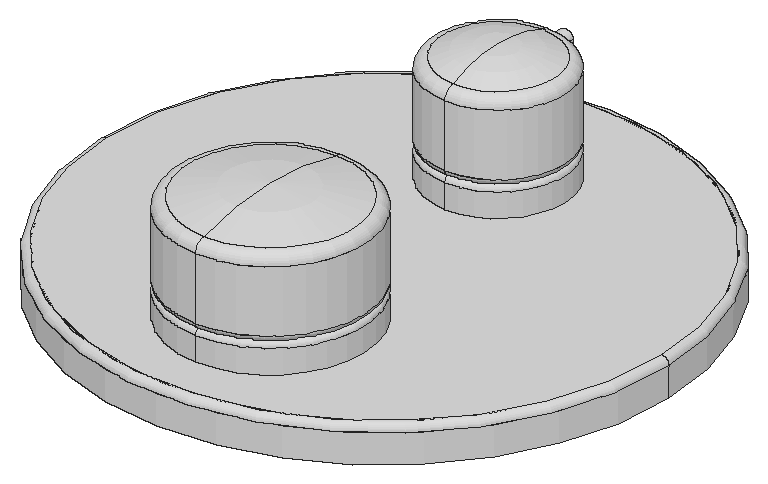
Revit family "Grohe_PlumbingFixtures_Grohtherm_ThermostaticMixer_24075000a", category Plumbing Fixtures, host Face, Revit 2016
Family settings
  Host = Face
  Part Type = Normal
  Round Connector Dimension = Use Diameter
  OmniClass Number = 23.65.00.00
  OmniClass Title = Supply and Distribution of Liquids and Gases
  Cut with Voids When Loaded = No
  Shared = No
  Room Calculation Point = No
Parameters (values of type "24075000")
  _DistributedBy = "www.bimstore.co.uk"
  _CurrentRevision = 1
  _CreatedBy = "www.bimstore.co.uk"
  _BimSpecGuid = 0
  _BSBibleVersion = 15
  _AuthorizedBy = "Ryan Lashley"
  _Author = "Ryan Lashley"
  WarrantyStartDate [instance] = "Please Record On Commissioning."
  WarrantyGuarantorParts = "info-uk@grohe.com"
  WarrantyGuarantorLabor = "n/a"
  WarrantyDurationUnit = "Years"
  WarrantyDurationParts = "0"
  WarrantyDurationLabor = "0"
  WarrantyDescription = "n/a"
  URL = "https://www.grohe.co.uk/en_gb/"
  TypeName = Model  # "Grohtherm  shower"
  Type Comments = "24075000"
  SpareParts = "n/a"
  Size = "n/a"
  Shape = "n/a"
  SerialNumber [instance] = "Please Record On Commissioning."
  ReplacementCost = "n/a"
  ReferencedStandard = "n/a"
  ProductionYear = "2018"
  ProductPageURL = "n/a"
  ProductDocumentationLink = "n/a"
  PercentageOfRecycledContent = "n/a"
  NominalLength = 0 mm
  NominalHeight = 0 mm
  NominalDepth = 0 mm
  NBSReference = "45-35-70/315"
  NBSOfficeMasterTag = "n/a"
  NBSObjectName = "Grohe - Water supply fittings for baths"
  NBSNote = ""
  NBSDescription = "Water supply fittings for baths"
  ModelReference = Model  # "Grohtherm  shower"
  ModelNumber = Type Comments  # "24075000"
  Model = "Grohtherm  shower"
  Material = "Chrome"
  MasterformatTitle = "Sanitary Facilities"
  MasterformatNumber = "01 52 19"
  ManufacturerName = "Grohe"
  Manufacturer = "Grohe"
  LowEmittingMaterial = no
  LEEDCredit = "n/a"
  Keynote = "N13"
  InstallationDate [instance] = "Please Record On Commissioning."
  IndustryStandards = "n/a"
  IfcExportType = "IfcPipeFittingType"
  IfcExportAs = "IfcPipeFitting"
  HotWaterConnectionDiameter = 10 mm
  HWFU = 4.5
  Grade = "n/a"
  Finish = Material  # "Chrome"
  Features = Description  # "Grohtherm, Thermostatic Mixer for 1 outlet with shut off valve, set for final installation for GROHE Rapido SmartBox 35 600 000, GROHE TurboStat compact cartridge with wax thermoelement, GROHE StarLight chrome finish, GROHE QuickFix escutcheon with covered shaft sealing and covered fixing, Metal escutcheon, retroactively 6° adjustable, \r\nGROHE SafeStop safety button at 38°C, GROHE SafeStop Plus optional temperature limiter at 43°C included built-in non return valves and dirt strainers, ceramic stop valve , 120°, Flow performance: outlet B or C = 27 l/min, without roughing-in-set"
  ExpectedLife = 0
  Ecojoy = no
  DurationUnit = "Years"
  DocumentationTechnical = "n/a"
  DocumentationMaintenance = "n/a"
  DocumentationLiterature = "n/a"
  DocumentationInstallationGuide = "n/a"
  DocumentationCertificates = "n/a"
  Description = "Grohtherm, Thermostatic Mixer for 1 outlet with shut off valve, set for final installation for GROHE Rapido SmartBox 35 600 000, GROHE TurboStat compact cartridge with wax thermoelement, GROHE StarLight chrome finish, GROHE QuickFix escutcheon with covered shaft sealing and covered fixing, Metal escutcheon, retroactively 6° adjustable, \r\nGROHE SafeStop safety button at 38°C, GROHE SafeStop Plus optional temperature limiter at 43°C included built-in non return valves and dirt strainers, ceramic stop valve , 120°, Flow performance: outlet B or C = 27 l/min, without roughing-in-set"
  Default Elevation = 0 mm
  CreatedOn = "2018-09-18T09:00:00"
  CreatedBy = "info-uk@grohe.com"
  Cost = 0
  Constituents = "n/a"
  Color = "Silver"
  ColdWaterConnectionDiameter = 10 mm
  CodePerformance = "n/a"
  ClassificationValue = "Pr_40_20_87_07"
  ClassificationName = "Uniclass2015"
  CWFU = 4.5
  BarCode [instance] = "Please Record On Commissioning."
  BIMObjectName = "Grohe_PlumbingFixtures_Grohtherm_ThermostaticMixer_24075000"
  AssetType = "Fixed"
  AssetIdentifier [instance] = "Please Record On Commissioning."
  Assembly Code = "C1030"
  AccessibilityPerformance = "n/a"
  ADACompliant = no
Reference planes
  plane 1 "Center (Front/Back)": y = 0
  plane 2: z = 0
  plane 3 "Center (Left/Right)": x = 0
  plane 4: z = 10
  plane 5: y = 79
  plane 6: y = -79
  plane 7: z = 43
Forms (mm)
  Extrusion 1, solid, material "Steel, Chrome Plated"
    sketch origin (0, 0, 0) x (1, 0, 0) y (0, 1, 0)
      loop
        circle (0, 0) r 79
    from 0 to 10
  Sweep 2, void
    path in 3D
      loop
        arc (-79, 0, 10) -> (0, 79, 10) -> (79, 0, 10) r 79
        arc (79, 0, 10) -> (0, -79, 10) -> (-79, 0, 10) r 79
    profile origin (0, -79, 10) x (0, -1, 0) y (0, 0, 1)
      loop
        line (0, 0) -> (-2, 0)
        arc (-2, 0) -> (-0.586, -0.586) -> (0, -2) r 2
        line (0, -2) -> (0, 0)
  Revolve 3, solid, material "Steel, Chrome Plated"
    sketch origin (0, -0.552, 0) x (0, 1, 0) y (0, 0, 1)
      loop
        line (-38.948, 0) -> (-13.01, 0) -> (-13.01, 16.589)
        arc (-13.01, 16.589) -> (-13.45, 17.649) -> (-14.51, 18.089) r 1.5
        arc (-14.51, 18.089) -> (-13.45, 18.528) -> (-13.01, 19.589) r 1.5
        line (-13.01, 19.589) -> (-13.01, 36.906)
        arc (-13.01, 36.906) -> (-13.889, 39.027) -> (-16.01, 39.906) r 3
        arc (-16.01, 39.906) -> (-27.366, 42.32) -> (-38.948, 43.131) r 83.187
        line (-38.948, 43.131) -> (-38.948, 0)
      axis (-38.948, 0) -> (-38.948, 43.131)
    angle from 0 to 360
  Revolve 4, solid, material "Steel, Chrome Plated"
    sketch origin (0, 78.448, 0) x (0, 1, 0) y (0, 0, 1)
      loop
        line (-38.948, 0) -> (-20.51, 0) -> (-20.51, 16.589)
        arc (-20.51, 16.589) -> (-20.95, 17.649) -> (-22.01, 18.089) r 1.5
        arc (-22.01, 18.089) -> (-20.95, 18.528) -> (-20.51, 19.589) r 1.5
        line (-20.51, 19.589) -> (-20.51, 36.906)
        arc (-20.51, 36.906) -> (-21.389, 39.027) -> (-23.51, 39.906) r 3
        arc (-23.51, 39.906) -> (-31.055, 42.351) -> (-38.948, 43.131) r 36.95
        line (-38.948, 43.131) -> (-38.948, 0)
      axis (-38.948, 0) -> (-38.948, 43.131)
    angle from 0 to 360
  Extrusion 5, solid, material "Steel, Chrome Plated"
    sketch origin (0, 0, 0) x (1, 0, 0) y (0, 0, 1)
      loop
        arc (2, 34.497) -> (0, 36.497) -> (-2, 34.497) r 2
        line (-2, 34.497) -> (-2, 23.497)
        arc (-2, 23.497) -> (0, 21.497) -> (2, 23.497) r 2
        line (2, 23.497) -> (2, 34.497)
    from -62.938 to -39.5
  Extrusion 6, solid, material "Steel, Chrome Plated"
    sketch origin (0, -79, 0) x (1, 0, 0) y (0, 0, 1)
      loop
        arc (2, 34.497) -> (0, 36.497) -> (-2, 34.497) r 2
        line (-2, 34.497) -> (-2, 23.497)
        arc (-2, 23.497) -> (0, 21.497) -> (2, 23.497) r 2
        line (2, 23.497) -> (2, 34.497)
    from -66.438 to -39.5
Cuts and joins
  Sweep 2 cuts Extrusion 1
  joined: Extrusion 1, Revolve 3, Revolve 4, Extrusion 5, Extrusion 6
Lines and regions (mm)
  sketch lines
    curve 1: circle (0, 0, 10) r 79 normal (0, 0, -1)
Dimensions and locks
  aligned and locked: plane 2 to host face
  aligned and locked: level to host face
